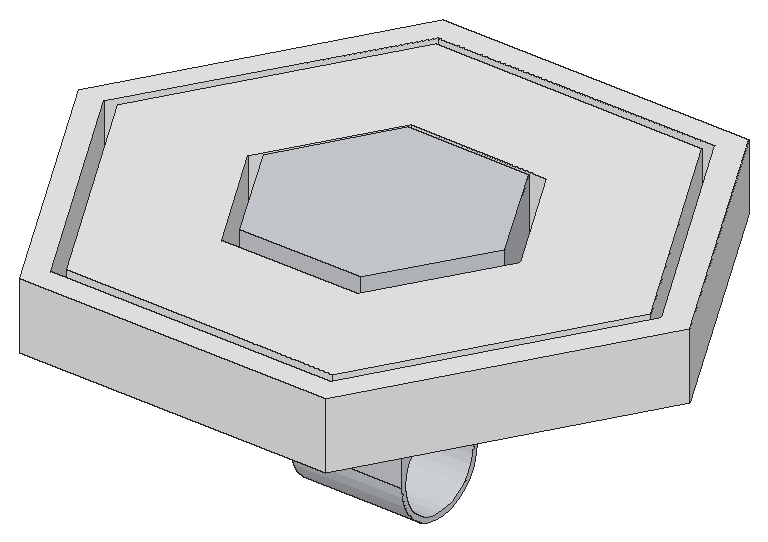
Revit family "Lighting-Industrial-GEWISS-ESALITE-HB-HIGHBAYS-LED_6K_EMERGENCY", category Apparecchi per illuminazione, host Superficie, Revit 2019
Family settings
  Host = Superficie
  Quota connettore circolare = Usa diametro
  Tipo di parte = Normale
  Taglio con vuoti quando caricato = No
  Sorgente d'illuminazione = No
  Condiviso = No
  Punto di calcolo locali = Sì
Parameters (values of type "GWS6911 - KIT EMERGENZA 3H ESALITE 12-16-20K")
  Weight (kg): = "4,5"
  Warranty = "5 years"
  Voltage- = "220/240 V - 50/60 Hz"
  Versions = "4000K natural light"
  Version type = "Emergency"
  Version file RFA = "20.11"
  VISIBILITA' SIMBOLO [instance] = yes
  VISIBILITA' LAMPADA PIANTA [instance] = not(VISIBILITA' SIMBOLO)  # no
  VISIBILITA' ETICHETTA [instance] = yes
  V = 0 V
  URL = "https://www.gewiss.com/ww/en"
  Typology = "Emergency"
  Type of light source = "LED - Not replaceable"
  Technical sheet = "https://www.gewiss.com/ww/en/search?q=GWS6911"
  System power = "60W"
  Spostamento_y_effettivo_ET [instance] = 4000 mm - Spostamento_y_ET  # 2119.2 mm
  Spostamento_y_ET [instance] = 1880.8 mm
  Spostamento_X_effettivo_ET [instance] = 4000 mm - Spostamento_X_ET  # 3850.612 mm
  Spostamento_X_ET [instance] = 149.388 mm
  Shock resistance = "IK06"
  Shield type = "Plastic"
  SEO = "High bay"
  Realized by GEWISS S.p.A. = ""
  Default Elevation = 1219.2 mm
  Produttore = "GEWISS S.p.A."
  Potenza di sitema = "Wxxx"
  Optic = "90°"
  Operating temperature: = "0 ÷ +40 °C"
  Numero poli = 1
  Nominal flux (lm) = "7200"
  Modello = "GWS6911"
  Luminous flux in emerg. (lm) = "650"
  Lumen output (lm): = "6700"
  Lumen output (lm) = "6700"
  Life time L90B10 (Tq 50Â°C) = "55000H"
  Life time L90B10 (Tq 25Â°C) = "100000H"
  Lamp- = "LED - Not replaceable"
  LED current. = "0,599999999999999A"
  LED current = "0,6A"
  Insulation class = "I"
  Immagine tipo = ESALITE_HB.jpg
  IP degree = "IP55"
  IDT = "e1623446787a4785a8c69eeae9ffe9d2"
  IDF = "22ae4d23-6439-4741-b737-d04c9a983d65"
  Glow Wire Test = "650°C"
  Electrocod = "2444"
  Efficiency class of integrated LEDs = "A ÷ A++"
  Driver type = "Driver Dali"
  Device with reduced surface temperature = "Complying"
  Descrizione = "KIT EMERGENZA 3H ESALITE 12-16-20K"
  Description: = "Esalite HB 6k with lens and Emergency 3h – 4000K (CRI80)"
  DIN 18032-3 certification = "No"
  Colour temperature: = "4000 K (CRI>80)"
  Colour = "Grey RAL 9006 + 7035"
  Catalogue Range = "ESALITE HB - 6K"
  Catalogue = "LIGHTING"
  COBie.Tagnumber = ""
  COBie.CreatedOn = ""
  COBie.CreatebBy = ""
  COBie.ComponentRegisterItemID = ""
  COBie.Component.TagNumber = ""
  COBie.Component.Space = ""
  COBie.Component.SerialNumber = ""
  COBie.Component.InstallationDate = ""
  COBie.Component.Description = ""
  COBie.Component.BarCode = ""
  Autonomy = "3H"
  Application = "Internal"
Reference planes
  plane 1 "Centro (Fronte/Retro)": y = 0
  plane 2: z = 0
  plane 3 "Centro (Sinistra/Destra)": x = 0
  plane 4: z = 123
  plane 5: x = 0
  plane 6: x = -3850.612
  plane 7: y = -2119.2
  plane 8: y = 0
  plane 9: through (-1779.2, -702.001, 1219.2) normal (0.4695, 0.8829, 0)
  plane 10: through (203.705, -1575.119, 1219.2) normal (-0.866, 0.5, 0)
Lines and regions (mm)
  Masking region 1, visible <- "VISIBILITA' LAMPADA PIANTA", detail levels coarse
    outline origin (0, 0, 0) x (1, 0, 0) y (0, 1, 0)
      loop
        line (-72.712, 126.226) -> (-145.481, 0.185) -> (-72.712, -125.856) -> (72.828, -125.856) -> (145.598, 0.185) -> (72.828, 126.226) -> (-72.712, 126.226)
      loop
        line (28.409, 49.29) -> (-28.293, 49.29) -> (-56.644, 0.185) -> (-28.293, -48.92) -> (28.409, -48.92) -> (56.76, 0.185) -> (28.409, 49.29)
  symbolic lines, visible <- "VISIBILITA' LAMPADA PIANTA"
    curve 1: line (-119.11, 0.185, 0) -> (-59.526, 103.387, 0)
    curve 2: line (-59.526, -103.017, 0) -> (-119.11, 0.185, 0)
    curve 3: line (59.642, -103.017, 0) -> (-59.526, -103.017, 0)
    curve 4: line (119.226, 0.185, 0) -> (59.642, -103.017, 0)
    curve 5: line (59.642, 103.387, 0) -> (119.226, 0.185, 0)
    curve 6: line (-130.677, -0.815, 0) -> (-66.175, -112.535, 0)
    curve 7: line (-66.175, -112.535, 0) -> (65.138, -112.535, 0)
    curve 8: line (-130.677, -0.815, 0) -> (-65.021, 112.905, 0)
    curve 9: line (-65.021, 112.905, 0) -> (65.136, 112.905, 0)
    curve 10: line (130.216, 0.184, 0) -> (65.136, 112.905, 0)
    curve 11: line (-59.526, 103.387, 0) -> (59.642, 103.387, 0)
    curve 12: line (65.138, -112.535, 0) -> (130.216, 0.184, 0)
    curve 13: arc (-42.371, 48.747, 0) -> (-51.904, 58.28, 0) -> (-61.437, 48.747, 0) r 9.533
    curve 14: arc (-61.437, 48.747, 0) -> (-51.904, 39.214, 0) -> (-42.371, 48.747, 0) r 9.533
    curve 15: arc (-58.446, 20.905, 0) -> (-67.979, 30.438, 0) -> (-77.512, 20.905, 0) r 9.533
    curve 16: arc (-77.512, 20.905, 0) -> (-67.979, 11.372, 0) -> (-58.446, 20.905, 0) r 9.533
    curve 17: arc (-85.975, 44.352, 0) -> (-76.442, 34.819, 0) -> (-66.909, 44.352, 0) r 9.533
    curve 18: arc (-66.909, 44.352, 0) -> (-76.442, 53.885, 0) -> (-85.975, 44.352, 0) r 9.533
    curve 19: arc (-82.984, 16.51, 0) -> (-92.517, 26.043, 0) -> (-102.05, 16.51, 0) r 9.533
    curve 20: arc (-102.05, 16.51, 0) -> (-92.517, 6.977, 0) -> (-82.984, 16.51, 0) r 9.533
    curve 21: arc (-69.9, 72.195, 0) -> (-60.367, 62.662, 0) -> (-50.834, 72.195, 0) r 9.533
    curve 22: arc (-50.834, 72.195, 0) -> (-60.367, 81.728, 0) -> (-69.9, 72.195, 0) r 9.533
    curve 23: arc (42.371, 48.747, 0) -> (51.904, 58.28, 0) -> (61.437, 48.747, 0) r 9.533
    curve 24: arc (61.437, 48.747, 0) -> (51.904, 39.214, 0) -> (42.371, 48.747, 0) r 9.533
    curve 25: arc (58.446, 20.905, 0) -> (67.979, 30.438, 0) -> (77.512, 20.905, 0) r 9.533
    curve 26: arc (77.512, 20.905, 0) -> (67.979, 11.372, 0) -> (58.446, 20.905, 0) r 9.533
    curve 27: arc (85.975, 44.352, 0) -> (76.442, 34.819, 0) -> (66.909, 44.352, 0) r 9.533
    curve 28: arc (66.909, 44.352, 0) -> (76.442, 53.885, 0) -> (85.975, 44.352, 0) r 9.533
    curve 29: arc (82.984, 16.51, 0) -> (92.517, 26.043, 0) -> (102.05, 16.51, 0) r 9.533
    curve 30: arc (102.05, 16.51, 0) -> (92.517, 6.977, 0) -> (82.984, 16.51, 0) r 9.533
    curve 31: arc (69.9, 72.195, 0) -> (60.367, 62.662, 0) -> (50.834, 72.195, 0) r 9.533
    curve 32: arc (50.834, 72.195, 0) -> (60.367, 81.728, 0) -> (69.9, 72.195, 0) r 9.533
    curve 33: arc (-41.625, 88.52, 0) -> (-32.092, 78.987, 0) -> (-22.559, 88.52, 0) r 9.533
    curve 34: arc (-22.559, 88.52, 0) -> (-32.092, 98.053, 0) -> (-41.625, 88.52, 0) r 9.533
    curve 35: arc (-6.484, 69.467, 0) -> (-16.017, 79, 0) -> (-25.55, 69.467, 0) r 9.533
    curve 36: arc (-25.55, 69.467, 0) -> (-16.017, 59.934, 0) -> (-6.484, 69.467, 0) r 9.533
    curve 37: arc (-9.475, 88.52, 0) -> (0.058, 78.987, 0) -> (9.591, 88.52, 0) r 9.533
    curve 38: arc (9.591, 88.52, 0) -> (0.058, 98.053, 0) -> (-9.475, 88.52, 0) r 9.533
    curve 39: arc (25.666, 69.467, 0) -> (16.133, 79, 0) -> (6.6, 69.467, 0) r 9.533
    curve 40: arc (6.6, 69.467, 0) -> (16.133, 59.934, 0) -> (25.666, 69.467, 0) r 9.533
    curve 41: arc (22.675, 88.52, 0) -> (32.208, 78.987, 0) -> (41.741, 88.52, 0) r 9.533
    curve 42: arc (41.741, 88.52, 0) -> (32.208, 98.053, 0) -> (22.675, 88.52, 0) r 9.533
    curve 43: arc (-41.625, -88.52, 0) -> (-32.092, -78.987, 0) -> (-22.559, -88.52, 0) r 9.533
    curve 44: arc (-22.559, -88.52, 0) -> (-32.092, -98.053, 0) -> (-41.625, -88.52, 0) r 9.533
    curve 45: arc (-6.484, -69.467, 0) -> (-16.017, -79, 0) -> (-25.55, -69.467, 0) r 9.533
    curve 46: arc (-25.55, -69.467, 0) -> (-16.017, -59.934, 0) -> (-6.484, -69.467, 0) r 9.533
    curve 47: arc (-9.475, -88.52, 0) -> (0.058, -78.987, 0) -> (9.591, -88.52, 0) r 9.533
    curve 48: arc (9.591, -88.52, 0) -> (0.058, -98.053, 0) -> (-9.475, -88.52, 0) r 9.533
    curve 49: arc (25.666, -69.467, 0) -> (16.133, -79, 0) -> (6.6, -69.467, 0) r 9.533
    curve 50: arc (6.6, -69.467, 0) -> (16.133, -59.934, 0) -> (25.666, -69.467, 0) r 9.533
    curve 51: arc (22.675, -88.52, 0) -> (32.208, -78.987, 0) -> (41.741, -88.52, 0) r 9.533
    curve 52: arc (41.741, -88.52, 0) -> (32.208, -98.053, 0) -> (22.675, -88.52, 0) r 9.533
    curve 53: line (59.642, -103.387, 0) -> (119.226, -0.185, 0)
    curve 54: line (130.216, -0.184, 0) -> (65.136, -112.905, 0)
    curve 55: arc (-42.371, -48.747, 0) -> (-51.904, -58.28, 0) -> (-61.437, -48.747, 0) r 9.533
    curve 56: arc (-61.437, -48.747, 0) -> (-51.904, -39.214, 0) -> (-42.371, -48.747, 0) r 9.533
    curve 57: arc (-58.446, -20.905, 0) -> (-67.979, -30.438, 0) -> (-77.512, -20.905, 0) r 9.533
    curve 58: arc (-77.512, -20.905, 0) -> (-67.979, -11.372, 0) -> (-58.446, -20.905, 0) r 9.533
    curve 59: arc (-85.975, -44.352, 0) -> (-76.442, -34.819, 0) -> (-66.909, -44.352, 0) r 9.533
    curve 60: arc (-66.909, -44.352, 0) -> (-76.442, -53.885, 0) -> (-85.975, -44.352, 0) r 9.533
    curve 61: arc (-82.984, -16.51, 0) -> (-92.517, -26.043, 0) -> (-102.05, -16.51, 0) r 9.533
    curve 62: arc (-102.05, -16.51, 0) -> (-92.517, -6.977, 0) -> (-82.984, -16.51, 0) r 9.533
    curve 63: arc (-69.9, -72.195, 0) -> (-60.367, -62.662, 0) -> (-50.834, -72.195, 0) r 9.533
    curve 64: arc (-50.834, -72.195, 0) -> (-60.367, -81.728, 0) -> (-69.9, -72.195, 0) r 9.533
    curve 65: arc (42.371, -48.747, 0) -> (51.904, -58.28, 0) -> (61.437, -48.747, 0) r 9.533
    curve 66: arc (61.437, -48.747, 0) -> (51.904, -39.214, 0) -> (42.371, -48.747, 0) r 9.533
    curve 67: arc (58.446, -20.905, 0) -> (67.979, -30.438, 0) -> (77.512, -20.905, 0) r 9.533
    curve 68: arc (77.512, -20.905, 0) -> (67.979, -11.372, 0) -> (58.446, -20.905, 0) r 9.533
    curve 69: arc (85.975, -44.352, 0) -> (76.442, -34.819, 0) -> (66.909, -44.352, 0) r 9.533
    curve 70: arc (66.909, -44.352, 0) -> (76.442, -53.885, 0) -> (85.975, -44.352, 0) r 9.533
    curve 71: arc (82.984, -16.51, 0) -> (92.517, -26.043, 0) -> (102.05, -16.51, 0) r 9.533
    curve 72: arc (102.05, -16.51, 0) -> (92.517, -6.977, 0) -> (82.984, -16.51, 0) r 9.533
    curve 73: arc (69.9, -72.195, 0) -> (60.367, -62.662, 0) -> (50.834, -72.195, 0) r 9.533
    curve 74: arc (50.834, -72.195, 0) -> (60.367, -81.728, 0) -> (69.9, -72.195, 0) r 9.533
    curve 75: line (0, -124.529, 121.346) -> (0, 123.553, 121.346)
    curve 76: line (0, -124.529, 90.346) -> (0, -124.529, 121.346)
    curve 77: line (0, 123.553, 90.346) -> (0, -124.529, 90.346)
    curve 78: line (0, 123.553, 121.346) -> (0, 123.553, 90.346)
    curve 79: line (0, -49.593, 90.346) -> (0, 48.617, 90.346)
    curve 80: line (0, -49.593, 56.346) -> (0, -49.593, 90.346)
    curve 81: line (0, 48.617, 56.346) -> (0, -49.593, 56.346)
    curve 82: line (0, 48.617, 90.346) -> (0, 48.617, 56.346)
    curve 83: line (0, -22.673, 56.346) -> (0, -22.673, 22.757)
    curve 84: line (0, 21.327, 22.757) -> (0, 21.327, 56.346)
    curve 85: arc (0, -22.673, 22.757) -> (0, -0.673, 0.757) -> (0, 21.327, 22.757) r 22
    curve 86: arc (0, -20.673, 22.757) -> (0, -0.673, 42.757) -> (0, 19.327, 22.757) r 20
    curve 87: arc (0, 19.327, 22.757) -> (0, -0.673, 2.757) -> (0, -20.673, 22.757) r 20
    curve 101: line (-143.172, 0, 118.589) -> (143.288, 0, 118.589)
    curve 102: line (-143.172, 0, 87.589) -> (-143.172, 0, 118.589)
    curve 103: line (143.288, 0, 87.589) -> (-143.172, 0, 87.589)
    curve 104: line (143.288, 0, 118.589) -> (143.288, 0, 87.589)
    curve 105: line (-56.644, 0, 87.589) -> (56.76, 0, 87.589)
    curve 106: line (-56.644, 0, 53.589) -> (-56.644, 0, 87.589)
    curve 107: line (56.76, 0, 53.589) -> (-56.644, 0, 53.589)
    curve 108: line (56.76, 0, 87.589) -> (56.76, 0, 53.589)
    curve 109: line (-28.293, 0, 53.589) -> (26.009, 0, 53.589)
    curve 110: line (-28.293, 0, 0) -> (-28.293, 0, 53.589)
    curve 111: line (26.009, 0, 0) -> (-28.293, 0, 0)
    curve 112: line (26.009, 0, 53.589) -> (26.009, 0, 0)
  symbolic lines, visible <- "VISIBILITA' LAMPADA PIANTA", not visible
    curve 88: line (0, -302.901, 298.372) -> (0, -54.819, 298.372)
    curve 89: line (0, -302.901, 267.372) -> (0, -302.901, 298.372)
    curve 90: line (0, -54.819, 267.372) -> (0, -302.901, 267.372)
    curve 91: line (0, -54.819, 298.372) -> (0, -54.819, 267.372)
    curve 92: line (0, -227.965, 267.372) -> (0, -129.755, 267.372)
    curve 93: line (0, -227.965, 233.372) -> (0, -227.965, 267.372)
    curve 94: line (0, -129.755, 233.372) -> (0, -227.965, 233.372)
    curve 95: line (0, -129.755, 267.372) -> (0, -129.755, 233.372)
    curve 96: line (0, -201.045, 233.372) -> (0, -201.045, 199.783)
    curve 97: line (0, -157.045, 199.783) -> (0, -157.045, 233.372)
    curve 98: arc (0, -201.045, 199.783) -> (0, -179.045, 177.783) -> (0, -157.045, 199.783) r 22
    curve 99: arc (0, -199.045, 199.783) -> (0, -179.045, 219.783) -> (0, -159.045, 199.783) r 20
    curve 100: arc (0, -159.045, 199.783) -> (0, -179.045, 179.783) -> (0, -199.045, 199.783) r 20
    curve 113: line (137.075, 0, 294.646) -> (423.535, 0, 294.646)
    curve 114: line (137.075, 0, 263.646) -> (137.075, 0, 294.646)
    curve 115: line (423.535, 0, 263.646) -> (137.075, 0, 263.646)
    curve 116: line (423.535, 0, 294.646) -> (423.535, 0, 263.646)
    curve 117: line (223.603, 0, 263.646) -> (337.007, 0, 263.646)
    curve 118: line (223.603, 0, 229.646) -> (223.603, 0, 263.646)
    curve 119: line (337.007, 0, 229.646) -> (223.603, 0, 229.646)
    curve 120: line (337.007, 0, 263.646) -> (337.007, 0, 229.646)
    curve 121: line (251.954, 0, 229.646) -> (306.255, 0, 229.646)
    curve 122: line (251.954, 0, 176.057) -> (251.954, 0, 229.646)
    curve 123: line (306.255, 0, 176.057) -> (251.954, 0, 176.057)
    curve 124: line (306.255, 0, 229.646) -> (306.255, 0, 176.057)
Text (mm)
  text "B-A=C" at (-2005.323, -1167.131, 0), in view "Livello rif."
  text "D+A-C=B" at (1746.792, 582.509, 0), in view "Livello rif."
Dimensions and locks
  "Spostamento_X_effettivo_ET": plane 6 to plane 5
  plane 6 to plane 3 "Centro (Sinistra/Destra)" = 3850.612 mm
  "Spostamento_y_effettivo_ET": plane 8 to plane 7
  plane 1 "Centro (Fronte/Retro)" to plane 7 = 2119.2 mm
  angle plane 9 to plane 7 = 28.00°
  angle plane 7 to plane 6 = 90.00°
  aligned and locked: plane 2 to host face
  aligned and locked: level to host face
  aligned and locked: plane 3 "Centro (Sinistra/Destra)" to nested 1
  aligned and locked: plane 1 "Centro (Fronte/Retro)" to nested 1
  aligned and locked: plane 5 to nested 2
  aligned and locked: nested 2 to plane 8
Automatic sketch dimensions
  host sketch curve to host sketch curve = 2438.4 mm  (x2)
  Masking region 1 sketch curve to plane 1 "Centro (Fronte/Retro)" = 0.185 mm  (x4)
  Masking region 1 sketch curve to plane 3 "Centro (Sinistra/Destra)" = 145.481 mm
  Masking region 1 sketch curve to plane 3 "Centro (Sinistra/Destra)" = 72.712 mm  (x2)
  Masking region 1 sketch curve to plane 3 "Centro (Sinistra/Destra)" = 56.644 mm
  Masking region 1 sketch curve to plane 3 "Centro (Sinistra/Destra)" = 28.293 mm  (x2)
  plane 3 "Centro (Sinistra/Destra)" to Masking region 1 sketch curve = 28.409 mm  (x2)
  Masking region 1 sketch curve to Masking region 1 sketch curve = 28.351 mm
  plane 3 "Centro (Sinistra/Destra)" to Masking region 1 sketch curve = 72.828 mm  (x2)
  Masking region 1 sketch curve to Masking region 1 sketch curve = 88.838 mm
  plane 1 "Centro (Fronte/Retro)" to Masking region 1 sketch curve = 48.92 mm
  Masking region 1 sketch curve to Masking region 1 sketch curve = 76.936 mm  (x2)
  Masking region 1 sketch curve to plane 1 "Centro (Fronte/Retro)" = 49.29 mm
  curve 13 to curve 14 = 0 mm  (x2)
  curve 15 to curve 16 = 0 mm  (x2)
  curve 17 to curve 18 = 0 mm  (x2)
  curve 19 to curve 20 = 0 mm  (x2)
  curve 21 to curve 22 = 0 mm  (x2)
  curve 23 to curve 24 = 0 mm  (x2)
  curve 25 to curve 26 = 0 mm  (x2)
  curve 27 to curve 28 = 0 mm  (x2)
  curve 29 to curve 30 = 0 mm  (x2)
  curve 31 to curve 32 = 0 mm  (x2)
  curve 33 to curve 34 = 0 mm  (x2)
  curve 35 to curve 36 = 0 mm  (x2)
  curve 37 to curve 38 = 0 mm  (x2)
  curve 39 to curve 40 = 0 mm  (x2)
  curve 41 to curve 42 = 0 mm  (x2)
  curve 43 to curve 44 = 0 mm  (x2)
  curve 45 to curve 46 = 0 mm  (x2)
  curve 47 to curve 48 = 0 mm  (x2)
  curve 49 to curve 50 = 0 mm  (x2)
  curve 51 to curve 52 = 0 mm  (x2)
  curve 55 to curve 56 = 0 mm  (x2)
  curve 57 to curve 58 = 0 mm  (x2)
  curve 59 to curve 60 = 0 mm  (x2)
  curve 61 to curve 62 = 0 mm  (x2)
  curve 63 to curve 64 = 0 mm  (x2)
  curve 65 to curve 66 = 0 mm  (x2)
  curve 67 to curve 68 = 0 mm  (x2)
  curve 69 to curve 70 = 0 mm  (x2)
  curve 71 to curve 72 = 0 mm  (x2)
  curve 73 to curve 74 = 0 mm  (x2)
  plane 1 "Centro (Fronte/Retro)" to curve 8 = 0.815 mm
  curve 8 to plane 3 "Centro (Sinistra/Destra)" = 130.677 mm
  curve 2 to plane 1 "Centro (Fronte/Retro)" = 0.185 mm
  curve 6 to curve 2 = 11.567 mm
  curve 1 to curve 62 = 26.593 mm
  curve 1 to curve 20 = 26.593 mm
  curve 19 to curve 18 = 16.075 mm
  curve 62 to curve 60 = 16.075 mm
  curve 19 to curve 16 = 24.537 mm
  curve 62 to curve 57 = 24.537 mm
  curve 7 to plane 3 "Centro (Sinistra/Destra)" = 66.175 mm
  curve 8 to plane 3 "Centro (Sinistra/Destra)" = 65.021 mm
  curve 17 to curve 21 = 16.075 mm
  curve 59 to curve 64 = 16.075 mm
  curve 8 to curve 1 = 5.495 mm
  curve 6 to curve 3 = 6.65 mm
  curve 59 to curve 56 = 24.537 mm
  curve 17 to curve 13 = 24.537 mm
  curve 1 to curve 34 = 27.434 mm
  curve 2 to curve 43 = 27.434 mm
  curve 36 to plane 3 "Centro (Sinistra/Destra)" = 16.017 mm
  curve 46 to plane 3 "Centro (Sinistra/Destra)" = 16.017 mm
  plane 3 "Centro (Sinistra/Destra)" to curve 37 = 0.058 mm
  plane 3 "Centro (Sinistra/Destra)" to curve 47 = 0.058 mm
  plane 3 "Centro (Sinistra/Destra)" to curve 49 = 16.133 mm
  plane 3 "Centro (Sinistra/Destra)" to curve 39 = 16.133 mm
  curve 49 to curve 51 = 16.075 mm
  curve 39 to curve 42 = 16.075 mm
  curve 39 to curve 23 = 35.771 mm
  curve 49 to curve 65 = 35.771 mm
  curve 51 to curve 4 = 27.434 mm
  curve 41 to curve 5 = 27.434 mm
  curve 66 to curve 73 = 8.463 mm
  curve 23 to curve 31 = 8.463 mm
  curve 5 to curve 10 = 5.494 mm
  curve 3 to curve 7 = 5.496 mm
  curve 23 to curve 25 = 16.075 mm
  curve 65 to curve 67 = 16.075 mm
  curve 23 to curve 28 = 24.537 mm
  curve 65 to curve 69 = 24.537 mm
  curve 25 to curve 30 = 24.537 mm
  curve 67 to curve 71 = 24.537 mm
  curve 4 to plane 1 "Centro (Fronte/Retro)" = 0.185 mm
  curve 29 to curve 4 = 26.709 mm
  curve 12 to plane 1 "Centro (Fronte/Retro)" = 0.184 mm
  curve 4 to curve 12 = 10.99 mm
  plane 1 "Centro (Fronte/Retro)" to curve 72 = 16.51 mm
  plane 1 "Centro (Fronte/Retro)" to curve 61 = 16.51 mm
  curve 58 to curve 61 = 4.395 mm
  curve 67 to curve 71 = 4.395 mm
  curve 69 to curve 68 = 23.448 mm
  curve 60 to curve 58 = 23.448 mm
  curve 56 to curve 60 = 4.395 mm
  curve 66 to curve 70 = 4.395 mm
  curve 46 to curve 55 = 20.72 mm
  curve 45 to curve 50 = 0 mm
  curve 64 to curve 56 = 23.448 mm
  curve 73 to curve 66 = 23.448 mm
  curve 51 to curve 49 = 19.053 mm
  curve 48 to curve 50 = 19.053 mm
  curve 43 to curve 46 = 19.053 mm
  curve 3 to curve 52 = 14.498 mm
  curve 12 to curve 3 = 9.517 mm
  curve 19 to plane 1 "Centro (Fronte/Retro)" = 16.51 mm
  curve 29 to plane 1 "Centro (Fronte/Retro)" = 16.51 mm
  curve 19 to curve 15 = 4.395 mm
  curve 29 to curve 25 = 4.395 mm
  curve 16 to curve 17 = 23.448 mm
  curve 25 to curve 27 = 23.448 mm
  curve 18 to curve 14 = 4.395 mm
  curve 28 to curve 24 = 4.395 mm
  curve 13 to curve 36 = 20.72 mm
  curve 35 to curve 39 = 0 mm
  curve 14 to curve 22 = 23.448 mm
  curve 23 to curve 31 = 23.448 mm
  curve 36 to curve 33 = 19.053 mm
  curve 40 to curve 37 = 19.053 mm
  curve 39 to curve 41 = 19.053 mm
  curve 33 to curve 11 = 14.868 mm
  curve 5 to curve 9 = 9.517 mm
  curve 20 to curve 19 = 9.533 mm
  curve 61 to curve 61 = 9.533 mm
  curve 60 to curve 59 = 9.533 mm
  curve 18 to curve 17 = 9.533 mm
  curve 61 to curve 57 = 5.471 mm
  curve 19 to curve 15 = 5.471 mm
  curve 63 to curve 63 = 9.533 mm
  curve 22 to curve 21 = 9.533 mm
  curve 18 to curve 13 = 5.471 mm
  curve 60 to curve 55 = 5.471 mm
  curve 33 to curve 33 = 9.533 mm
  curve 44 to curve 43 = 9.533 mm
  curve 36 to curve 35 = 9.533 mm
  curve 45 to curve 45 = 9.533 mm
  curve 48 to plane 3 "Centro (Sinistra/Destra)" = 9.475 mm
  curve 38 to plane 3 "Centro (Sinistra/Destra)" = 9.475 mm
  plane 3 "Centro (Sinistra/Destra)" to curve 50 = 6.6 mm
  plane 3 "Centro (Sinistra/Destra)" to curve 40 = 6.6 mm
  curve 42 to curve 41 = 9.533 mm
  curve 51 to curve 51 = 9.533 mm
  curve 66 to curve 65 = 9.533 mm
  curve 23 to curve 23 = 9.533 mm
  curve 32 to curve 31 = 9.533 mm
  curve 74 to curve 73 = 9.533 mm
  curve 67 to curve 67 = 9.533 mm
  curve 25 to curve 25 = 9.533 mm
  curve 3 to curve 53 = 0 mm
  curve 54 to curve 7 = 0.001 mm
  curve 24 to curve 28 = 5.471 mm
  curve 65 to curve 69 = 5.471 mm
  curve 26 to curve 29 = 5.471 mm
  curve 67 to curve 72 = 5.471 mm
  plane 1 "Centro (Fronte/Retro)" to curve 53 = 0.185 mm
  curve 53 to curve 4 = 0 mm
  plane 1 "Centro (Fronte/Retro)" to curve 54 = 0.184 mm
  curve 54 to curve 10 = 0 mm
  curve 53 to curve 3 = 0.37 mm
  curve 54 to curve 7 = 0.37 mm
Nested families
  nested 1: "xESALITE HB 6k SOSPENSIONE_base" at (0, 0, 0), type "Tipo 1"
  nested 2: "etichetta Potenza Lampada" at (0, 0, 0), visible <- "VISIBILITA' ETICHETTA", type "etichetta Potenza Lampada"
  nested 3: "esalight hb simb" at (0, 0, 0), visible <- "VISIBILITA' SIMBOLO", type "esalight hb simb"
  nested 4: "esalight hb simb" at (0, 0, 89) x (1, 0, 0) z (0, -1, 0), visible <- "VISIBILITA' SIMBOLO", type "esalight hb simb"
  nested 5: "esalight hb simb" at (0, 0, 89) x (0, 1, 0) z (1, 0, 0), visible <- "VISIBILITA' SIMBOLO", type "esalight hb simb"
Definition of nested family "xESALITE HB 6k SOSPENSIONE_base"
  Parameters (values of type "Tipo 1")
    V = 0 V
    Schermatura interna = none
    Numero poli = 1
    LED = none
    H_LIGHT = 32.111 mm
    Corpo luce = none
    AA = 21.411 mm
  Reference planes
    plane 1 "Centro (Fronte/Retro)": y = 0
    plane 2: z = 0
    plane 3 "Centro (Sinistra/Destra)": x = 0
    plane 4: x = -145.163
    plane 5: x = 145.28
    plane 6: y = 126.226
    plane 7: y = -125.856
    plane 8: y = 55.469
    plane 9: y = -55.099
    plane 10: x = -63.671
    plane 11: x = 63.788
    plane 12: through (-72.712, 126.226, 1200) normal (0.866, -0.5, 0)
    plane 13: through (-145.481, 0.185, 1200) normal (0.866, 0.5, 0)
    plane 14: through (72.828, -125.856, 1200) normal (-0.866, 0.5, 0)
    plane 15: through (145.598, 0.185, 1200) normal (-0.866, -0.5, 0)
    plane 16: through (-143.172, 0.185, 1200) normal (-0.866, 0.5, 0)
    plane 17: through (-71.556, -123.856, 1200) normal (-0.866, -0.5, 0)
    plane 18: y = -123.856
    plane 19: through (71.674, -123.856, 1200) normal (-0.866, 0.5, 0)
    plane 20: through (71.673, 124.226, 1200) normal (0.866, 0.5, 0)
    plane 21: y = 124.226
    plane 22: through (-66.464, 110.406, 1200) normal (0.866, -0.5, 0)
    plane 23: through (-67.33, -110.535, 1200) normal (-0.866, -0.5, 0)
    plane 24: y = -112.535
    plane 25: through (128.773, -2.315, 1200) normal (0.866, -0.5, 0)
    plane 26: through (66.58, 110.405, 1200) normal (0.866, 0.5, 0)
    plane 27: y = 112.905
    plane 28: z = 123
    plane 29: z = 120
    plane 30: y = -22
    plane 31: y = 22
    plane 32: z = 55
    plane 33: z = 21.411
    plane 34: z = 129
    plane 35: z = 89
    plane 36: through (-62.99, 107.388, 1200) normal (0.866, -0.5, 0)
    plane 37: through (-62.99, -107.018, 1200) normal (-0.866, -0.5, 0)
    plane 38: y = -108.017
    plane 39: through (124.422, -0.815, 1200) normal (0.866, -0.5, 0)
    plane 40: through (63.106, 107.388, 1200) normal (0.866, 0.5, 0)
    plane 41: y = 108.387
    plane 42: through (-28.293, 49.29, 1200) normal (0.866, -0.5, 0)
    plane 43: y = 49.29
    plane 44: through (28.409, 49.29, 1200) normal (0.866, 0.5, 0)
    plane 45: through (28.409, -48.92, 1200) normal (-0.866, 0.5, 0)
    plane 46: y = -48.92
    plane 47: through (-56.644, 0.185, 1200) normal (0.866, 0.5, 0)
    plane 48: through (-31.86, 55.469, 1200) normal (0.866, -0.5, 0)
    plane 49: through (-63.778, 0.185, 1200) normal (0.866, 0.5, 0)
    plane 50: y = -55.099
    plane 51: through (63.894, 0.185, 1200) normal (0.866, -0.5, 0)
    plane 52: through (63.894, 0.185, 1200) normal (-0.866, -0.5, 0)
    plane 53: y = 55.469
    plane 54: z = 109.439
    plane 55: through (-65.51, 1.185, 1200) normal (-0.866, 0.5, 0)
    plane 56: through (-33.592, -56.099, 1200) normal (-0.866, -0.5, 0)
    plane 57: through (-65.51, 1.185, 1200) normal (-0.866, 0.5, 0)
    plane 58: y = 57.469
    plane 59: through (33.708, 56.469, 1200) normal (0.866, 0.5, 0)
    plane 60: through (65.626, -0.815, 1200) normal (0.866, -0.5, 0)
    plane 61: y = -57.099
    plane 62: y = -1
    plane 63: y = 1
    plane 64: x = -1
    plane 65: x = 0
    plane 66: y = 105.387
    plane 67: through (-59.814, 106.887, 1200) normal (0.866, -0.5, 0)
    plane 68: through (-122.285, 1.685, 1200) normal (0.866, 0.5, 0)
    plane 69: y = -105.017
    plane 70: through (59.931, -106.517, 1200) normal (-0.866, 0.5, 0)
    plane 71: through (127.598, 1.685, 1200) normal (-0.866, -0.5, 0)
    plane 72: through (122.402, -1.315, 1200) normal (-0.866, -0.5, 0)
    plane 73: z = 116
    plane 74: through (-58.948, 104.387, 1200) normal (0.866, -0.5, 0)
    plane 75: through (-119.687, 1.185, 1200) normal (0.866, 0.5, 0)
    plane 76: y = -103.017
    plane 77: through (59.065, -104.017, 1200) normal (-0.866, 0.5, 0)
    plane 78: through (119.803, -0.815, 1200) normal (-0.866, -0.5, 0)
    plane 79: y = 103.387
    plane 80: x = 1
  Forms (mm)
    Extrusion 1, solid
      sketch origin (0, 0, 0) x (1, 0, 0) y (0, 1, 0)
        loop
          line (-28.293, 49.29) -> (-56.644, 0.185) -> (-28.293, -48.92) -> (28.409, -48.92) -> (56.76, 0.185) -> (28.409, 49.29) -> (-28.293, 49.29)
      from 123 to 55
    Extrusion 2, solid
      sketch origin (0, 0, 0) x (1, 0, 0) y (0, 1, 0)
        loop
          line (-65.021, 112.905) -> (-130.677, -0.814) -> (-66.175, -112.535) -> (65.138, -112.535) -> (130.216, 0.184) -> (65.136, 112.905) -> (-65.021, 112.905)
        loop
          line (-143.172, 0.186) -> (-71.556, -123.856) -> (71.674, -123.856) -> (143.288, 0.184) -> (71.673, 124.226) -> (-71.557, 124.226) -> (-143.172, 0.186)
      from 89 to 120
    Extrusion 3, solid
      sketch origin (0, 0, 0) x (0, 1, 0) y (0, 0, 1)
        loop
          arc (-22, 21.411) -> (0, -0.589) -> (22, 21.411) r 22
          line (22, 21.411) -> (22, 55) -> (-22, 55) -> (-22, 21.411)
        loop
          circle (0, 21.411) r 20
      from -26.009 to 26.009
    Extrusion 4, solid, material <- "Schermatura interna"
      sketch origin (0, 0, 0) x (1, 0, 0) y (0, 1, 0)
        loop
          line (-62.413, 108.387) -> (-124.883, 0.185) -> (-62.413, -108.017) -> (62.529, -108.017) -> (125, 0.185) -> (62.529, 108.387) -> (-62.413, 108.387)
        loop
          line (-31.86, 55.469) -> (-63.778, 0.185) -> (-31.86, -55.099) -> (31.976, -55.099) -> (63.894, 0.185) -> (31.976, 55.469) -> (-31.86, 55.469)
      from 89 to 120
  Dimensions and locks
    locked: plane 6 to plane 21 at 2
    locked: plane 12 to plane 16 at 2
    locked: plane 13 to plane 17 at 2
    locked: plane 7 to plane 18 at 2
    locked: plane 19 to plane 14 at 2
    locked: plane 20 to plane 15 at 2
    locked: plane 22 to plane 16 at 11.321
    locked: plane 27 to plane 21 at 11.321
    locked: plane 20 to plane 26 at 11.321
    locked: plane 19 to plane 25 at 11.321
    locked: plane 18 to plane 24 at 11.321
    locked: plane 28 to plane 29 at 3
    equal spacing: Extrusion 3, plane 3 "Centro (Sinistra/Destra)", Extrusion 3
    plane 29 to plane 35 = 31 mm
    locked: plane 29 to plane 54 at 10.561
    locked: plane 29 to plane 73 at 4
    plane 4 to plane 5 = 290.443 mm
    plane 7 to plane 6 = 252.082 mm
    aligned and locked: level to plane 2
    aligned and locked: Extrusion 1 to plane 28
    aligned and locked: Extrusion 3 sketch curve to plane 30
    aligned and locked: Extrusion 3 sketch curve to plane 31
    aligned and locked: Extrusion 2 to plane 29
    aligned and locked: Extrusion 3 sketch curve to plane 32
    aligned and locked: plane 33 to Extrusion 3 sketch curve  (x2)
    aligned and locked: plane 1 "Centro (Fronte/Retro)" to Extrusion 3 sketch curve
    aligned and locked: Extrusion 2 to plane 35
    aligned and locked: Extrusion 4 sketch curve to plane 36
    aligned and locked: Extrusion 4 sketch curve to plane 41
    aligned and locked: Extrusion 4 sketch curve to plane 40
    aligned and locked: Extrusion 4 sketch curve to plane 39
    aligned and locked: Extrusion 4 sketch curve to plane 38
    aligned and locked: Extrusion 4 sketch curve to plane 37
    aligned and locked: Extrusion 4 to plane 29
    aligned and locked: Extrusion 4 to plane 35
    aligned and locked: Extrusion 1 sketch curve to plane 42
    aligned and locked: Extrusion 1 sketch curve to plane 47
    aligned and locked: Extrusion 1 sketch curve to plane 46
    aligned and locked: Extrusion 1 sketch curve to plane 45
    aligned and locked: Extrusion 1 sketch curve to plane 44
    aligned and locked: Extrusion 1 sketch curve to plane 43
  Automatic sketch dimensions
    Extrusion 2 sketch curve to plane 16 = 0 mm  (x2)
    plane 17 to Extrusion 2 sketch curve = 0 mm  (x2)
    Extrusion 2 sketch curve to plane 22 = 0 mm
    Extrusion 2 sketch curve to plane 23 = 0 mm
    Extrusion 2 sketch curve to plane 21 = 0 mm
    Extrusion 2 sketch curve to plane 18 = 0 mm
    plane 23 to Extrusion 2 sketch curve = 0 mm
    Extrusion 2 sketch curve to plane 24 = 0 mm
    plane 22 to Extrusion 2 sketch curve = 0 mm
    Extrusion 2 sketch curve to plane 27 = 0 mm
    Extrusion 2 sketch curve to plane 25 = 0 mm
    Extrusion 2 sketch curve to plane 26 = 0 mm
    Extrusion 2 sketch curve to plane 19 = 0 mm  (x2)
    Extrusion 2 sketch curve to plane 20 = 0 mm  (x2)
    plane 25 to Extrusion 2 sketch curve = 0 mm
    plane 26 to Extrusion 2 sketch curve = 0 mm
    Extrusion 4 sketch curve to plane 48 = 0 mm
    Extrusion 4 sketch curve to plane 49 = 0 mm  (x2)
    Extrusion 4 sketch curve to plane 8 = 0 mm
    plane 48 to Extrusion 4 sketch curve = 0 mm
    Extrusion 4 sketch curve to plane 9 = 0 mm
    Extrusion 4 sketch curve to plane 51 = 0 mm
    plane 51 to Extrusion 4 sketch curve = 0 mm
    plane 52 to Extrusion 4 sketch curve = 0 mm
    Extrusion 4 sketch curve to plane 52 = 0 mm
    radius of Extrusion 3 sketch curve = 20 mm
  Connectors
    electrical at (0.058, 0.185, 55), driven by "Numero poli", driven by "V"
      settings: on Extrusion 1, index 1, voltage 0 V, apparent load 0 VA, apparent load phase1 0 VA, apparent load phase2 0 VA, apparent load phase3 0 VA, power factor 1, load classification none, number of poles 1, system type 31, power factor state 1, is connector primary yes, connector utility no, sub classification motor no, connector description ""
Definition of nested family "etichetta Potenza Lampada"
  Parameters (values of type "etichetta Potenza Lampada")
    potenza lampada = "Wxxx"
  Reference planes
    plane 1: y = 0
    plane 2: x = 0
  Text (mm)
    label "QE" at (0.073, -0.194, 0), shows "potenza lampada"
Definition of nested family "esalight hb simb"
  Reference planes
    plane 1 "Centro (Fronte/Retro)": y = 0
    plane 2: z = 0
    plane 3 "Centro (Sinistra/Destra)": x = 0
  Lines and regions (mm)
    detail lines, in view "Livello rif."
      curve 1: line (0, 152.5, 0) -> (0, -147.5, 0)
      curve 2: line (168.999, 89.193, 0) -> (284.502, 155.878, 0)
      curve 3: line (324.884, 179.193, 0) -> (278.255, 166.699, 0)
      curve 4: line (324.884, 179.193, 0) -> (290.749, 145.058, 0)
      curve 5: line (278.255, 166.699, 0) -> (290.749, 145.058, 0)
      curve 6: line (168.999, -104.193, 0) -> (284.502, -170.878, 0)
      curve 7: line (324.884, -194.193, 0) -> (278.255, -181.699, 0)
      curve 8: line (324.884, -194.193, 0) -> (290.749, -160.058, 0)
      curve 9: line (278.255, -181.699, 0) -> (290.749, -160.058, 0)
      curve 10: arc (0, 152.5, 0) -> (-150, 2.5, 0) -> (0, -147.5, 0) r 150
